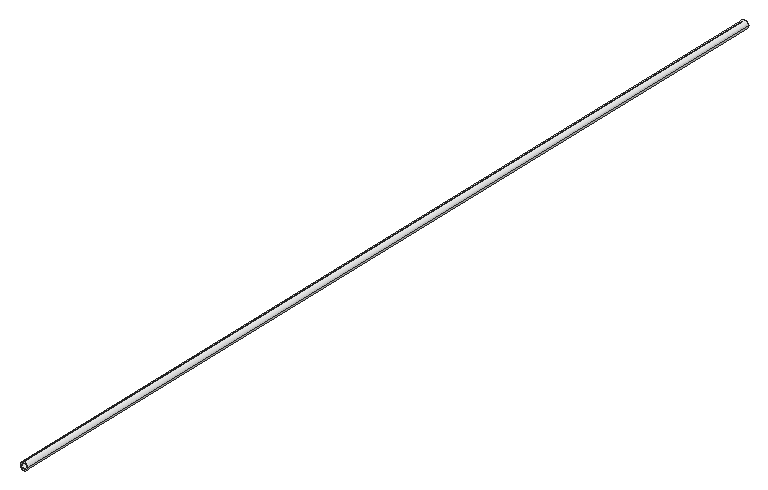
Revit family "111014001058001", category Modelos genéricos, Revit 2018
Family settings
  Puede alojar armadura = No
  Cota de conector redondo = Diámetro de uso
  Tipo de pieza = Normal
  Se basa en plano de trabajo = No
  Siempre vertical = No
  Corte con vacíos al cargar = No
  Compartido = No
  Punto de cálculo de habitación = No
Parameters (values of type "BARRA BANO PP C/ACERO 1" BLANCO TIRA 3.0MT")
  Ventajas = ""
  Uso = "Se instala en los baños para colgar la cortina de las duchas.\r\nEn el caso de ser instalado en el closet, se utiliza para colgar la ropa"
  Unidad = "Tira 3.00 mts."
  URL = "https://www.empresascnp.cl/"
  Num SKUs = "111014001058001"
  Nombre SKU = "BARRA BANO PP C/ACERO 1\" BLANCO TIRA 3.0MT"
  Modelo = "BARRA BANO PP C/ACERO 1\""
  Material = PP con acero blanco
  Url Ficha tecnica = "https://empresascnp.cl/wp-content/uploads//pdf/ficha-tecnica-barra-bano-pp-c-acero-1-blanco-tira-1-2mt.pdf"
  Largo = 3000.00 mm
  Espesor = 0.00 mm
  Empresa = "CNP SPA."
  Dureza = ""
  Dimension = 23.00 mm
  Description = ""
  Contacto = "info@empresascnp.cl"
  Color = "Blanco o Café"
  Aplicacion = "Barra de  cortina para baños y uso en closet."
Reference planes
  plane 1 "Center F/B": y = 0
  plane 2: z = 0
  plane 3 "Center L/R": x = 0
  plane 4: z = 23
  plane 5 "2": y = 1500
  plane 6 "3": y = -1500
Forms (mm)
  Extrusion 1, solid, material "PP con acero blanco" <- "Material"
    sketch origin (0, 0, 0) x (1, 0, 0) y (0, 0, 1)
      loop
        circle (0, 25.4) r 12.7
      loop
        circle (0, 25.4) r 9.7
    from -1500 to 1500
Dimensions and locks
  "Dimension": plane 4 to level
  equal spacing: plane 6 "3", plane 1 "Center F/B", plane 5 "2"
  "Largo": plane 6 "3" to plane 5 "2"
  radius of Extrusion 1 sketch curve = 12.70 mm
  aligned and locked: plane 6 "3" to Extrusion 1
  aligned and locked: Extrusion 1 to plane 5 "2"
Automatic sketch dimensions
  Extrusion 1 sketch curve to plane 3 "Center L/R" = 0.00 mm
  level to Extrusion 1 sketch curve = 25.40 mm
  Extrusion 1 sketch curve to Extrusion 1 sketch curve = 0.00 mm  (x2)
  radius of Extrusion 1 sketch curve = 12.70 mm
  radius of Extrusion 1 sketch curve = 9.70 mm
